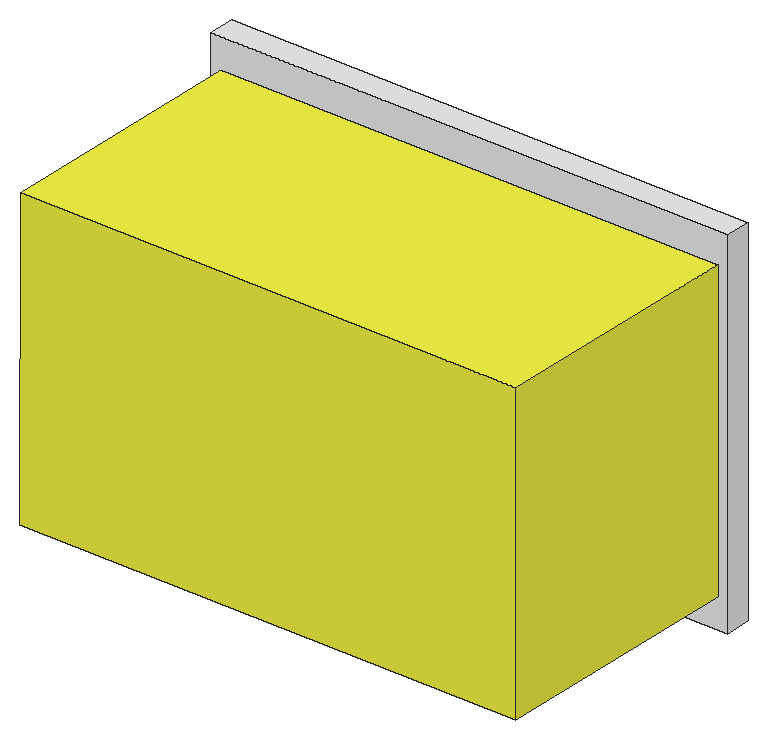
Revit family "Elet_Caixa_Tomadas", category Electrical Fixtures, host Wall, Revit 2025
Family settings
  Host = Wall
  Round Connector Dimension = Use Diameter
  Part Type = Normal
  OmniClass Number = 23.80.00.00
  OmniClass Title = Electric Power and Lighting
  Always vertical = Yes
  Cut with Voids When Loaded = No
  Maintain Annotation Orientation = No
  Shared = No
  Room Calculation Point = Yes
Parameters (values of type "Tomada_Baixa")
  Mat_Tampa = PVC eletricas tampas
  Mat_Caixa = PVC elétricas caixas
  Default Elevation = 0 mm
  Altura = 300 mm
Types (3, lengths in mm): name | Mat_Caixa | Altura
  Tomada_Baixa | PVC elétricas caixas | 300
  Tomada_Alta | PVC eletricas tampas | 2225
  Média | PVC eletricas tampas | 1200
Reference planes
  plane 1: y = 0
  plane 2 "Center (Left/Right)": x = 125
  plane 3 "Back": y = 75
  plane 4: z = 300
  plane 5: z = 328.795
Forms (mm)
  Extrusion 1, solid, material "PVC elétricas caixas" <- "Mat_Caixa"
    sketch origin (132.516, 26.3, 1523.376) x (0, 0, -1) y (-1, 0, 0)
      loop
        line (1194.582, 55.516) -> (1194.582, -40.484) -> (1252.171, -40.484) -> (1252.171, 55.516) -> (1194.582, 55.516)
    from 0 to 48.7
  Extrusion 2, solid, material "PVC eletricas tampas" <- "Mat_Tampa"
    sketch origin (0, 0, 0) x (1, 0, 0) y (0, 1, 0)
      loop
        line (75, 75) -> (175, 75) -> (175, 80) -> (75, 80) -> (75, 75)
    from 265.416 to 334.584
Text (mm)
  text "Placement side" at (-1867.185, 1116.779, 0), in view "Ref. Level"
  text "Placement side" at (0, -15.653, 3001.832), in view "Left"
  text "Placement side" at (0, 530.812, 2999.686), in view "Right"
Dimensions and locks
  locked: plane 3 "Back" to host wall
  locked: Extrusion 1 to Extrusion 1 at 96
  Extrusion 1 to Extrusion 1 = 96 mm  (x2)
  "Altura": level to plane 4
  locked: Extrusion 1 to Extrusion 1 at 57.589
  equal spacing: Extrusion 1, plane 4, Extrusion 1
  locked: plane 4 to plane 5 at 28.795
  equal spacing: Extrusion 2, plane 2 "Center (Left/Right)", Extrusion 2
  equal spacing: Extrusion 1, plane 2 "Center (Left/Right)", Extrusion 1
  equal spacing: Extrusion 2, plane 4, Extrusion 2
  locked: plane 5 to Extrusion 2 at 5.789
  locked: Extrusion 2 to Extrusion 1 at 5.789
  locked: Extrusion 2 to Extrusion 2 at 5
  aligned and locked: plane 1 to host wall
  aligned and locked: Extrusion 1 to plane 3 "Back"
  aligned and locked: plane 5 to Extrusion 1
  aligned and locked: Extrusion 2 to Extrusion 1
Automatic sketch dimensions
  plane 4 to Extrusion 1 sketch curve = 28.795 mm
  Extrusion 1 sketch curve to Extrusion 1 sketch curve = 57.589 mm
  plane 2 "Center (Left/Right)" to Extrusion 1 sketch curve = 48 mm
  Extrusion 1 sketch curve to plane 2 "Center (Left/Right)" = 48 mm
  Extrusion 2 sketch curve to host wall = 0 mm
  host wall to Extrusion 2 sketch curve = 5 mm
  Extrusion 2 sketch curve to plane 2 "Center (Left/Right)" = 50 mm
  plane 2 "Center (Left/Right)" to Extrusion 2 sketch curve = 50 mm
